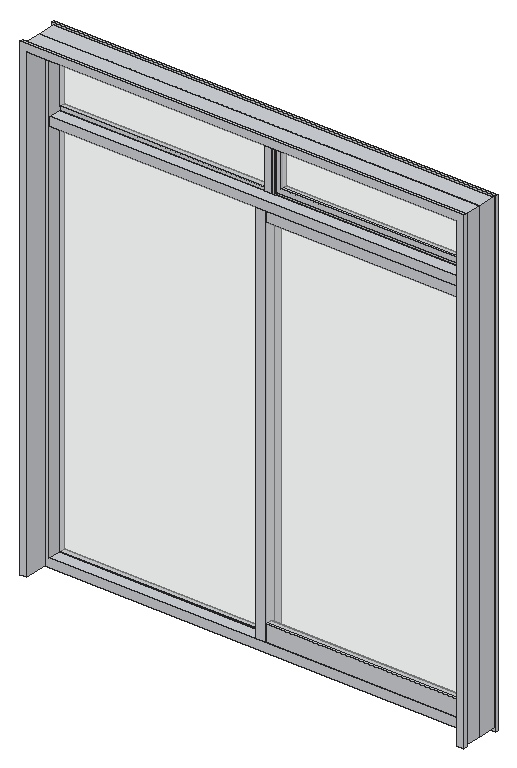
Revit family "APL Residential Thermal Heart Sliding Door SF with Overlight", category Doors, host Wall, Revit 2017 (continued)
Definition of nested family "APL Residential Thermal Heart Sliding Door SF with Overlight Vertical Section"
  Definition of nested family "Head Sash"
    Definition of nested family "65720_Sash"
      Lines and regions (mm)
        model lines, in view "Ref. Level"
          curve 145: arc (13.633, 5.978, 0) -> (13.937, 5.291, 0) -> (14.633, 5.009, 0) r 1
          curve 146: arc (17.054, 5.009, 0) -> (17.364, 5.05, 0) -> (17.654, 5.17, 0) r 1.2
          curve 147: arc (19.714, 6.209, 0) -> (19.996, 6.092, 0) -> (20.114, 5.809, 0) r 0.4
          curve 148: arc (20.014, 4.834, 0) -> (19.955, 4.693, 0) -> (19.814, 4.634, 0) r 0.2
          curve 149: arc (19.617, 4.653, 0) -> (19.041, 4.615, 0) -> (18.764, 4.109, 0) r 0.6
          curve 150: arc (18.764, 4.109, 0) -> (19.041, 3.603, 0) -> (19.617, 3.565, 0) r 0.6
          curve 151: arc (19.814, 3.584, 0) -> (19.955, 3.525, 0) -> (20.014, 3.384, 0) r 0.2
          curve 152: arc (20.114, 2.409, 0) -> (19.996, 2.126, 0) -> (19.714, 2.009, 0) r 0.4
          curve 153: arc (17.654, 3.048, 0) -> (17.364, 3.168, 0) -> (17.054, 3.209, 0) r 1.2
          curve 154: arc (8.374, 3.209, 0) -> (8.063, 3.168, 0) -> (7.774, 3.048, 0) r 1.2
          curve 155: arc (5.714, 2.009, 0) -> (5.431, 2.126, 0) -> (5.314, 2.409, 0) r 0.4
          curve 156: arc (5.414, 3.384, 0) -> (5.472, 3.525, 0) -> (5.614, 3.584, 0) r 0.2
          curve 157: arc (5.81, 3.565, 0) -> (6.386, 3.603, 0) -> (6.664, 4.109, 0) r 0.6
          curve 158: arc (6.664, 4.109, 0) -> (6.386, 4.615, 0) -> (5.81, 4.653, 0) r 0.6
          curve 159: arc (5.614, 4.634, 0) -> (5.472, 4.693, 0) -> (5.414, 4.834, 0) r 0.2
          curve 160: arc (5.314, 5.809, 0) -> (5.431, 6.092, 0) -> (5.714, 6.209, 0) r 0.4
          curve 161: arc (7.774, 5.17, 0) -> (8.063, 5.05, 0) -> (8.374, 5.009, 0) r 1.2
          curve 162: arc (10.794, 5.009, 0) -> (11.49, 5.291, 0) -> (11.794, 5.978, 0) r 1
          curve 163: line (13.314, 13.759, 0) -> (13.633, 5.978, 0)
          curve 164: line (14.633, 5.009, 0) -> (16.946, 5.009, 0)
          curve 165: line (17.654, 5.17, 0) -> (18.414, 5.609, 0)
          curve 166: line (18.414, 5.609, 0) -> (19.407, 6.182, 0)
          curve 167: line (19.407, 6.182, 0) -> (19.714, 6.209, 0)
          curve 168: line (20.114, 5.809, 0) -> (20.114, 5.309, 0)
          curve 169: line (20.114, 5.309, 0) -> (20.014, 4.834, 0)
          curve 170: line (20.014, 3.384, 0) -> (20.014, 3.009, 0)
          curve 171: line (20.014, 3.009, 0) -> (20.114, 2.409, 0)
          curve 172: line (19.714, 2.009, 0) -> (19.507, 2.009, 0)
          curve 173: line (19.507, 2.009, 0) -> (18.414, 2.609, 0)
          curve 174: line (18.414, 2.609, 0) -> (17.654, 3.048, 0)
          curve 175: line (16.946, 3.209, 0) -> (12.714, 3.209, 0)
          curve 176: line (12.714, 3.209, 0) -> (8.374, 3.209, 0)
          curve 177: line (7.774, 3.048, 0) -> (6.02, 2.036, 0)
          curve 178: line (6.02, 2.036, 0) -> (5.714, 2.009, 0)
          curve 179: line (5.314, 2.409, 0) -> (5.314, 2.909, 0)
          curve 180: line (5.314, 2.909, 0) -> (5.414, 3.384, 0)
          curve 181: line (5.414, 4.834, 0) -> (5.414, 5.209, 0)
          curve 182: line (5.414, 5.209, 0) -> (5.314, 5.809, 0)
          curve 183: line (5.714, 6.209, 0) -> (5.92, 6.209, 0)
          curve 184: line (5.92, 6.209, 0) -> (7.774, 5.17, 0)
          curve 185: line (8.374, 5.009, 0) -> (10.794, 5.009, 0)
          curve 186: line (11.794, 5.978, 0) -> (12.114, 13.768, 0)
          curve 187: arc (12.114, 13.768, 0) -> (12.293, 14.187, 0) -> (12.714, 14.359, 0) r 0.6
          curve 188: arc (5.3, -2.4, 0) -> (5.417, -2.117, 0) -> (5.7, -2, 0) r 0.4
          curve 189: arc (5.993, -2, 0) -> (6.096, -2.014, 0) -> (6.193, -2.054, 0) r 0.4
          curve 190: arc (7.721, -2.939, 0) -> (8.011, -3.059, 0) -> (8.322, -3.1, 0) r 1.2
          curve 191: arc (9.245, -3.1, 0) -> (9.818, -3.281, 0) -> (10.184, -3.758, 0) r 1
          curve 192: arc (10.977, -5.937, 0) -> (11.124, -6.128, 0) -> (11.353, -6.2, 0) r 0.4
          curve 193: arc (14.047, -6.2, 0) -> (14.276, -6.128, 0) -> (14.423, -5.937, 0) r 0.4
          curve 194: arc (15.216, -3.758, 0) -> (15.582, -3.281, 0) -> (16.155, -3.1, 0) r 1
          curve 195: arc (17.078, -3.1, 0) -> (17.389, -3.059, 0) -> (17.679, -2.939, 0) r 1.2
          curve 196: arc (19.207, -2.054, 0) -> (19.304, -2.014, 0) -> (19.407, -2, 0) r 0.4
          curve 197: arc (19.7, -2, 0) -> (19.983, -2.117, 0) -> (20.1, -2.4, 0) r 0.4
          curve 198: arc (20.1, -5.8, 0) -> (19.983, -6.083, 0) -> (19.7, -6.2, 0) r 0.4
          curve 199: arc (19.407, -6.2, 0) -> (19.304, -6.186, 0) -> (19.207, -6.146, 0) r 0.4
          curve 200: arc (17.679, -5.261, 0) -> (17.385, -5.14, 0) -> (17.07, -5.1, 0) r 1.2
          curve 201: arc (17.07, -5.1, 0) -> (16.895, -5.153, 0) -> (16.784, -5.297, 0) r 0.3
          curve 202: arc (15.896, -7.737, 0) -> (15.749, -7.928, 0) -> (15.52, -8, 0) r 0.4
          curve 203: arc (9.88, -8, 0) -> (9.651, -7.928, 0) -> (9.504, -7.737, 0) r 0.4
          curve 204: arc (8.616, -5.297, 0) -> (8.505, -5.153, 0) -> (8.33, -5.1, 0) r 0.3
          curve 205: arc (8.33, -5.1, 0) -> (8.015, -5.14, 0) -> (7.721, -5.261, 0) r 1.2
          curve 206: arc (6.193, -6.146, 0) -> (6.096, -6.186, 0) -> (5.993, -6.2, 0) r 0.4
          curve 207: arc (5.7, -6.2, 0) -> (5.417, -6.083, 0) -> (5.3, -5.8, 0) r 0.4
          curve 208: line (5.7, -2, 0) -> (5.993, -2, 0)
          curve 209: line (6.193, -2.054, 0) -> (7.721, -2.939, 0)
          curve 210: line (8.322, -3.1, 0) -> (9.245, -3.1, 0)
          curve 211: line (10.184, -3.758, 0) -> (10.977, -5.937, 0)
          curve 212: line (11.353, -6.2, 0) -> (14.047, -6.2, 0)
          curve 213: line (14.423, -5.937, 0) -> (15.216, -3.758, 0)
          curve 214: line (16.155, -3.1, 0) -> (17.078, -3.1, 0)
          curve 215: line (17.679, -2.939, 0) -> (19.207, -2.054, 0)
          curve 216: line (19.407, -2, 0) -> (19.7, -2, 0)
          curve 217: line (20.1, -2.4, 0) -> (20.1, -5.8, 0)
          curve 218: line (19.7, -6.2, 0) -> (19.407, -6.2, 0)
          curve 219: line (19.207, -6.146, 0) -> (17.679, -5.261, 0)
          curve 220: line (16.784, -5.297, 0) -> (15.896, -7.737, 0)
          curve 221: line (15.52, -8, 0) -> (9.88, -8, 0)
          curve 222: line (9.504, -7.737, 0) -> (8.616, -5.297, 0)
          curve 223: line (7.721, -5.261, 0) -> (6.193, -6.146, 0)
          curve 224: line (5.993, -6.2, 0) -> (5.7, -6.2, 0)
          curve 225: line (5.3, -5.8, 0) -> (5.3, -2.4, 0)
          curve 226: arc (7.8, -0.874, 0) -> (7.718, -0.477, 0) -> (7.485, -0.146, 0) r 1
          curve 227: arc (7.485, -0.146, 0) -> (7.422, 0, 0) -> (7.485, 0.146, 0) r 0.2
          curve 228: arc (7.485, 0.146, 0) -> (7.718, 0.477, 0) -> (7.8, 0.874, 0) r 1
          curve 229: arc (7.8, 2.449, 0) -> (7.673, 2.668, 0) -> (7.42, 2.663, 0) r 0.25
          curve 230: arc (7.334, 2.611, 0) -> (7.228, 2.479, 0) -> (7.231, 2.309, 0) r 0.25
          curve 231: arc (5.977, 1.544, 0) -> (5.902, 1.511, 0) -> (5.821, 1.5, 0) r 0.3
          curve 232: arc (5.3, 1.5, 0) -> (5.142, 1.578, 0) -> (5.106, 1.75, 0) r 0.2
          curve 233: arc (5.3, 5.753, 0) -> (5.274, 5.875, 0) -> (5.2, 5.976, 0) r 0.3
          curve 234: arc (5.2, 5.976, 0) -> (5.12, 6.307, 0) -> (5.4, 6.5, 0) r 0.3
          curve 235: arc (7.621, 5.957, 0) -> (7.71, 5.905, 0) -> (7.762, 5.816, 0) r 0.2
          curve 236: arc (7.807, 5.648, 0) -> (7.948, 5.507, 0) -> (8.141, 5.559, 0) r 0.2
          curve 237: arc (8.505, 5.922, 0) -> (8.565, 6.008, 0) -> (8.592, 6.108, 0) r 0.3
          curve 238: arc (8.799, 8.474, 0) -> (8.683, 8.738, 0) -> (8.397, 8.782, 0) r 0.3
          curve 239: arc (6.987, 8.268, 0) -> (6.861, 8.181, 0) -> (6.795, 8.043, 0) r 0.3
          curve 240: arc (6.795, 8.043, 0) -> (6.522, 7.801, 0) -> (6.217, 8, 0) r 0.3
          curve 241: arc (-3.3, 8, 0) -> (-4.007, 8.293, 0) -> (-4.3, 9, 0) r 1
          curve 242: arc (-4.3, 18.8, 0) -> (-4.241, 18.941, 0) -> (-4.1, 19, 0) r 0.2
          curve 243: arc (-3.2, 19, 0) -> (-2.493, 19.293, 0) -> (-2.2, 20, 0) r 1
          curve 244: arc (-2.2, 20.751, 0) -> (-2.7, 21.252, 0) -> (-3.2, 20.751, 0) r 0.5
          curve 245: arc (-3.2, 24.751, 0) -> (-2.7, 24.249, 0) -> (-2.2, 24.751, 0) r 0.5
          curve 246: arc (-2.2, 25.501, 0) -> (-2.493, 26.207, 0) -> (-3.199, 26.5, 0) r 0.999
          curve 247: arc (-4.7, 26.5, 0) -> (-5.407, 26.207, 0) -> (-5.7, 25.5, 0) r 1
          curve 248: arc (-5.7, -14.454, 0) -> (-5.548, -15.22, 0) -> (-5.114, -15.869, 0) r 2
          curve 249: arc (5.959, -26.941, 0) -> (6.177, -26.985, 0) -> (6.3, -26.8, 0) r 0.2
          curve 250: arc (6.3, -22.85, 0) -> (6.241, -22.709, 0) -> (6.1, -22.65, 0) r 0.2
          curve 251: arc (5.501, -22.65, 0) -> (5.359, -22.708, 0) -> (5.3, -22.85, 0) r 0.2
          curve 252: arc (5.3, -23.2, 0) -> (5.241, -23.341, 0) -> (5.1, -23.4, 0) r 0.201
          curve 253: arc (4.497, -23.4, 0) -> (4.357, -23.341, 0) -> (4.3, -23.2, 0) r 0.198
          curve 254: arc (4.3, -20.1, 0) -> (4.358, -19.96, 0) -> (4.497, -19.9, 0) r 0.2
          curve 255: arc (5.1, -19.9, 0) -> (5.241, -19.959, 0) -> (5.3, -20.1, 0) r 0.2
          curve 256: arc (5.3, -20.45, 0) -> (5.359, -20.591, 0) -> (5.5, -20.65, 0) r 0.2
          curve 257: arc (6.1, -20.65, 0) -> (6.241, -20.591, 0) -> (6.3, -20.45, 0) r 0.2
          curve 258: arc (6.3, -19.092, 0) -> (6.244, -18.951, 0) -> (6.1, -18.9, 0) r 0.184
          curve 259: arc (6.217, -8, 0) -> (6.522, -7.801, 0) -> (6.795, -8.043, 0) r 0.3
          curve 260: arc (6.795, -8.043, 0) -> (6.861, -8.181, 0) -> (6.987, -8.268, 0) r 0.3
          curve 261: arc (8.397, -8.782, 0) -> (8.683, -8.738, 0) -> (8.799, -8.474, 0) r 0.3
          curve 262: arc (8.592, -6.108, 0) -> (8.565, -6.008, 0) -> (8.505, -5.922, 0) r 0.3
          curve 263: arc (8.141, -5.559, 0) -> (7.948, -5.507, 0) -> (7.807, -5.648, 0) r 0.2
          curve 264: arc (7.762, -5.816, 0) -> (7.71, -5.905, 0) -> (7.621, -5.957, 0) r 0.2
          curve 265: arc (5.4, -6.5, 0) -> (5.12, -6.307, 0) -> (5.2, -5.976, 0) r 0.3
          curve 266: arc (5.2, -5.976, 0) -> (5.274, -5.875, 0) -> (5.3, -5.753, 0) r 0.3
          curve 267: arc (5.106, -1.75, 0) -> (5.142, -1.578, 0) -> (5.3, -1.5, 0) r 0.2
          curve 268: arc (5.82, -1.5, 0) -> (5.902, -1.511, 0) -> (5.977, -1.544, 0) r 0.3
          curve 269: arc (7.231, -2.309, 0) -> (7.228, -2.479, 0) -> (7.334, -2.611, 0) r 0.25
          curve 270: arc (7.42, -2.663, 0) -> (7.672, -2.668, 0) -> (7.8, -2.45, 0) r 0.25
          curve 271: arc (-0.454, 6.272, 0) -> (-0.427, 6.485, 0) -> (-0.608, 6.6, 0) r 0.2
          curve 272: arc (-3.4, 6.6, 0) -> (-4.107, 6.307, 0) -> (-4.4, 5.6, 0) r 1
          curve 273: arc (-4.4, -2.447, 0) -> (-4.254, -2.802, 0) -> (-3.9, -2.949, 0) r 0.5
          curve 274: arc (-2.4, -2.949, 0) -> (-1.693, -3.242, 0) -> (-1.4, -3.949, 0) r 1
          curve 275: arc (-1.4, -4.449, 0) -> (-1.9, -4.949, 0) -> (-2.4, -4.449, 0) r 0.5
          curve 276: arc (-4, -3.949, 0) -> (-4.283, -4.067, 0) -> (-4.4, -4.349, 0) r 0.4
          curve 277: arc (-4.4, -9.05, 0) -> (-4, -9.45, 0) -> (-4.4, -9.85, 0) r 0.4
          curve 278: arc (-4.4, -14.452, 0) -> (-4.347, -14.721, 0) -> (-4.195, -14.949, 0) r 0.7
          curve 279: arc (-2.4, -14.449, 0) -> (-1.9, -13.949, 0) -> (-1.4, -14.449, 0) r 0.5
          curve 280: arc (-1.4, -15.007, 0) -> (-1.602, -15.609, 0) -> (-2.125, -15.969, 0) r 1
          curve 281: arc (-2.125, -15.969, 0) -> (-2.472, -16.324, 0) -> (-2.341, -16.803, 0) r 0.5
          curve 282: arc (2.959, -22.103, 0) -> (3.177, -22.146, 0) -> (3.3, -21.962, 0) r 0.2
          curve 283: line (7.8, 0.874, 0) -> (7.8, 2.449, 0)
          curve 284: line (7.231, 2.309, 0) -> (5.977, 1.544, 0)
          curve 285: line (5.977, 1.544, 0) -> (5.3, 1.5, 0)
          curve 286: line (5.106, 1.75, 0) -> (5.294, 2.475, 0)
          curve 287: line (5.294, 2.475, 0) -> (5.3, 5.753, 0)
          curve 288: line (5.554, 6.5, 0) -> (7.621, 5.957, 0)
          curve 289: line (7.621, 5.957, 0) -> (7.807, 5.648, 0)
          curve 290: line (8.141, 5.559, 0) -> (8.505, 5.922, 0)
          curve 291: line (8.592, 6.108, 0) -> (8.799, 8.474, 0)
          curve 292: line (8.397, 8.782, 0) -> (6.987, 8.268, 0)
          curve 293: line (6.217, 8, 0) -> (-3.3, 8, 0)
          curve 294: line (-4.3, 9, 0) -> (-4.3, 18.8, 0)
          curve 295: line (-4.1, 19, 0) -> (-3.2, 19, 0)
          curve 296: line (-2.2, 20, 0) -> (-2.2, 20.751, 0)
          curve 297: line (-3.2, 20.751, 0) -> (-3.2, 20, 0)
          curve 298: line (-3.2, 20, 0) -> (-4.7, 20, 0)
          curve 299: line (-4.7, 20, 0) -> (-4.7, 25.5, 0)
          curve 300: line (-4.7, 25.5, 0) -> (-3.2, 25.5, 0)
          curve 301: line (-3.2, 25.5, 0) -> (-3.2, 24.751, 0)
          curve 302: line (-2.2, 24.751, 0) -> (-2.2, 25.501, 0)
          curve 303: line (-3.199, 26.5, 0) -> (-4.7, 26.5, 0)
          curve 304: line (-5.7, 25.5, 0) -> (-5.7, -14.454, 0)
          curve 305: line (-5.114, -15.869, 0) -> (5.959, -26.941, 0)
          curve 306: line (6.3, -26.8, 0) -> (6.3, -22.85, 0)
          curve 307: line (6.1, -22.65, 0) -> (5.501, -22.65, 0)
          curve 308: line (5.3, -22.85, 0) -> (5.3, -23.2, 0)
          curve 309: line (5.1, -23.4, 0) -> (4.497, -23.4, 0)
          curve 310: line (4.3, -23.2, 0) -> (4.3, -20.1, 0)
          curve 311: line (4.497, -19.9, 0) -> (5.1, -19.9, 0)
          curve 312: line (5.3, -20.1, 0) -> (5.3, -20.45, 0)
          curve 313: line (5.5, -20.65, 0) -> (6.1, -20.65, 0)
          curve 314: line (6.3, -20.45, 0) -> (6.3, -19.092, 0)
          curve 315: line (6.1, -18.9, 0) -> (4.6, -18.9, 0)
          curve 316: line (4.6, -18.9, 0) -> (4.6, -8, 0)
          curve 317: line (4.6, -8, 0) -> (6.217, -8, 0)
          curve 318: line (6.987, -8.268, 0) -> (8.397, -8.782, 0)
          curve 319: line (8.799, -8.474, 0) -> (8.592, -6.108, 0)
          curve 320: line (8.505, -5.922, 0) -> (8.141, -5.559, 0)
          curve 321: line (7.807, -5.648, 0) -> (7.762, -5.816, 0)
          curve 322: line (7.762, -5.816, 0) -> (5.632, -6.49, 0)
          curve 323: line (5.632, -6.49, 0) -> (5.4, -6.5, 0)
          curve 324: line (5.3, -5.753, 0) -> (5.3, -2.525, 0)
          curve 325: line (5.3, -2.525, 0) -> (5.106, -1.75, 0)
          curve 326: line (5.3, -1.5, 0) -> (5.82, -1.5, 0)
          curve 327: line (5.821, -1.5, 0) -> (7.231, -2.309, 0)
          curve 328: line (7.8, -2.45, 0) -> (7.8, -0.874, 0)
          curve 329: line (-0.608, 6.6, 0) -> (-3.4, 6.6, 0)
          curve 330: line (-4.4, 5.6, 0) -> (-4.4, -2.447, 0)
          curve 331: line (-3.9, -2.949, 0) -> (-2.4, -2.949, 0)
          curve 332: line (-1.4, -3.949, 0) -> (-1.4, -4.449, 0)
          curve 333: line (-2.4, -4.449, 0) -> (-2.4, -3.949, 0)
          curve 334: line (-2.4, -3.949, 0) -> (-4, -3.949, 0)
          curve 335: line (-4.4, -4.349, 0) -> (-4.4, -9.05, 0)
          curve 336: line (-4.4, -9.85, 0) -> (-4.4, -14.452, 0)
          curve 337: line (-4.195, -14.949, 0) -> (-2.4, -14.949, 0)
          curve 338: line (-2.4, -14.949, 0) -> (-2.4, -14.449, 0)
          curve 339: line (-1.4, -14.449, 0) -> (-1.4, -15.007, 0)
          curve 340: line (-2.341, -16.803, 0) -> (2.959, -22.103, 0)
          curve 341: line (3.3, -21.962, 0) -> (3.3, 2.193, 0)
          curve 342: arc (3.3, 2.193, 0) -> (3.272, 2.296, 0) -> (3.194, 2.37, 0) r 0.2
          curve 343: arc (3.194, 2.37, 0) -> (2.838, 2.85, 0) -> (2.984, 3.43, 0) r 0.7
          curve 344: arc (2.984, 3.43, 0) -> (3.33, 4.4, 0) -> (2.984, 5.37, 0) r 1.53
          curve 345: arc (2.984, 5.37, 0) -> (2.892, 5.514, 0) -> (2.838, 5.676, 0) r 0.7
          curve 346: arc (2.838, 5.676, 0) -> (2.741, 5.888, 0) -> (2.559, 6.032, 0) r 0.5
          curve 347: arc (2.559, 6.032, 0) -> (1.8, 6.2, 0) -> (1.041, 6.032, 0) r 1.8
          curve 348: arc (1.041, 6.032, 0) -> (0.859, 5.888, 0) -> (0.762, 5.676, 0) r 0.5
          curve 349: arc (0.762, 5.676, 0) -> (0.708, 5.514, 0) -> (0.616, 5.37, 0) r 0.7
          curve 350: arc (0.616, 5.37, 0) -> (0.27, 4.4, 0) -> (0.616, 3.43, 0) r 1.53
          curve 351: arc (0.616, 3.43, 0) -> (0.519, 2.445, 0) -> (-0.466, 2.543, 0) r 0.7
          curve 352: arc (-0.466, 2.543, 0) -> (-1.13, 4.41, 0) -> (-0.454, 6.272, 0) r 2.93
      Text (mm)
        text "65720" at (33.241, 33.025, 0), in view "Ref. Level"
  Definition of nested family "Glazing"
    Parameters (values of type "Glazing")
      Glass Lenght [instance] = 50 mm
    Reference planes
      plane 1 "Center (Front/Back)": y = 0
      plane 2: z = 0
      plane 3 "Center (Left/Right)": x = 0
      plane 4: y = -50
    Lines and regions (mm)
      Filled region 1, type "Solid Fill - Black", in view "Ref. Level"
        outline origin (0, 0, 0) x (1, 0, 0) y (0, 1, 0)
          loop
            line (4, 0) -> (4, -12) -> (20, -12) -> (20, 0) -> (4, 0)
      model lines, in view "Ref. Level"
        curve 1: line (4, -12, 0) -> (20, -12, 0)
        curve 2: line (0, -50, 0) -> (0, 0, 0)
        curve 3: line (0, 0, 0) -> (24, 0, 0)
        curve 4: line (24, 0, 0) -> (24, -50, 0)
        curve 5: line (20, 0, 0) -> (20, -50, 0)
        curve 6: line (4, 0, 0) -> (4, -50, 0)
      detail lines, in view "Ref. Level"
        curve 7: arc (-0.25, -4.9, 0) -> (0, -5.15, 0) -> (-0.25, -5.4, 0) r 0.25
        curve 8: arc (-0.25, -8.45, 0) -> (0, -8.7, 0) -> (-0.25, -8.95, 0) r 0.25
        curve 9: arc (-0.25, -9.619, 0) -> (0, -9.869, 0) -> (-0.25, -10.119, 0) r 0.25
        curve 10: arc (-0.25, -10.787, 0) -> (0, -11.037, 0) -> (-0.25, -11.287, 0) r 0.25
        curve 11: line (-0.25, -12.456, 0) -> (-1, -12.456, 0)
        curve 12: line (-1, -12.456, 0) -> (-1, -8.45, 0)
        curve 13: line (-1, -8.45, 0) -> (-2.2, -8.45, 0)
        curve 14: line (-2.2, -8.45, 0) -> (-2.2, -9.2, 0)
        curve 15: line (-2.2, -9.2, 0) -> (-2.8, -9.2, 0)
        curve 16: line (-2.8, -9.2, 0) -> (-2.8, -6.1, 0)
        curve 17: line (-2.8, -6.1, 0) -> (-2.2, -6.1, 0)
        curve 18: line (-2.2, -6.1, 0) -> (-2.2, -6.85, 0)
        curve 19: line (-2.2, -6.85, 0) -> (-1, -6.85, 0)
        curve 20: line (-1, -6.85, 0) -> (-1, -4.9, 0)
        curve 21: line (-1, -4.9, 0) -> (-0.25, -4.9, 0)
        curve 22: line (-0.25, -5.4, 0) -> (-0.25, -8.45, 0)
        curve 23: line (-0.25, -8.95, 0) -> (-0.25, -9.619, 0)
        curve 24: line (-0.25, -10.119, 0) -> (-0.25, -10.787, 0)
        curve 25: line (-0.25, -11.287, 0) -> (-0.25, -11.956, 0)
        curve 26: arc (-0.25, -11.956, 0) -> (0, -12.206, 0) -> (-0.25, -12.456, 0) r 0.25
        curve 27: arc (25, -10.728, 0) -> (24.979, -10.828, 0) -> (24.92, -10.912, 0) r 0.25
        curve 28: arc (24.161, -11.614, 0) -> (24.042, -11.78, 0) -> (24, -11.981, 0) r 0.5
        curve 29: arc (24, -13.404, 0) -> (24.088, -13.594, 0) -> (24.289, -13.651, 0) r 0.25
        curve 30: arc (28.489, -12.997, 0) -> (28.647, -12.904, 0) -> (28.699, -12.728, 0) r 0.25
        curve 31: arc (27.5, -8.1, 0) -> (27.711, -7.984, 0) -> (27.727, -7.744, 0) r 0.25
        curve 32: arc (26.033, -4.114, 0) -> (25.642, -3.858, 0) -> (25.24, -4.095, 0) r 0.442
        curve 33: arc (24.864, -4.812, 0) -> (24.414, -5.357, 0) -> (24.052, -5.964, 0) r 4.62
        curve 34: arc (24.052, -5.964, 0) -> (24.013, -6.073, 0) -> (24, -6.187, 0) r 0.5
        curve 35: arc (24, -6.743, 0) -> (24.132, -6.931, 0) -> (24.353, -6.871, 0) r 0.2
        curve 36: arc (24.353, -6.871, 0) -> (24.514, -6.711, 0) -> (24.702, -6.581, 0) r 1.262
        curve 37: arc (24.702, -6.581, 0) -> (24.901, -6.583, 0) -> (25, -6.756, 0) r 0.2
        curve 38: arc (25, -7.353, 0) -> (24.962, -7.543, 0) -> (24.855, -7.705, 0) r 0.5
        curve 39: arc (24.855, -7.705, 0) -> (24.408, -8.237, 0) -> (24.051, -8.833, 0) r 4.3
        curve 40: arc (24.051, -8.833, 0) -> (24.013, -8.941, 0) -> (24, -9.054, 0) r 0.5
        curve 41: arc (24, -9.668, 0) -> (24.137, -9.858, 0) -> (24.361, -9.787, 0) r 0.2
        curve 42: arc (24.361, -9.787, 0) -> (24.512, -9.617, 0) -> (24.69, -9.476, 0) r 1.288
        curve 43: arc (24.69, -9.476, 0) -> (24.895, -9.467, 0) -> (25, -9.643, 0) r 0.2
        curve 44: line (24.92, -10.912, 0) -> (24.161, -11.614, 0)
        curve 45: line (24, -11.981, 0) -> (24, -13.404, 0)
        curve 46: line (24.289, -13.651, 0) -> (28.489, -12.997, 0)
        curve 47: line (28.699, -12.728, 0) -> (28.548, -11, 0)
        curve 48: line (28.548, -11, 0) -> (27, -11, 0)
        curve 49: line (27, -11, 0) -> (27, -8.1, 0)
        curve 50: line (27, -8.1, 0) -> (27.5, -8.1, 0)
        curve 51: line (27.727, -7.744, 0) -> (26.033, -4.114, 0)
        curve 52: line (25.24, -4.095, 0) -> (24.864, -4.812, 0)
        curve 53: line (24, -6.187, 0) -> (24, -6.743, 0)
        curve 54: line (25, -6.756, 0) -> (25, -7.353, 0)
        curve 55: line (24, -9.054, 0) -> (24, -9.668, 0)
        curve 56: line (25, -9.643, 0) -> (25, -10.728, 0)
      detail lines, in view "Ref. Level", not visible
        curve 57: arc (-0.25, -4.9, 0) -> (0, -5.15, 0) -> (-0.25, -5.4, 0) r 0.25
        curve 58: arc (-0.25, -8.45, 0) -> (0, -8.7, 0) -> (-0.25, -8.95, 0) r 0.25
        curve 59: arc (-0.25, -9.619, 0) -> (0, -9.869, 0) -> (-0.25, -10.119, 0) r 0.25
        curve 60: arc (-0.25, -10.787, 0) -> (0, -11.037, 0) -> (-0.25, -11.287, 0) r 0.25
        curve 61: line (-0.25, -12.456, 0) -> (-1, -12.456, 0)
        curve 62: line (-1, -12.456, 0) -> (-1, -8.45, 0)
        curve 63: line (-1, -8.45, 0) -> (-2.2, -8.45, 0)
        curve 64: line (-2.2, -8.45, 0) -> (-2.2, -9.2, 0)
        curve 65: line (-2.2, -9.2, 0) -> (-2.8, -9.2, 0)
        curve 66: line (-2.8, -9.2, 0) -> (-2.8, -6.1, 0)
        curve 67: line (-2.8, -6.1, 0) -> (-2.2, -6.1, 0)
        curve 68: line (-2.2, -6.1, 0) -> (-2.2, -6.85, 0)
        curve 69: line (-2.2, -6.85, 0) -> (-1, -6.85, 0)
        curve 70: line (-1, -6.85, 0) -> (-1, -4.9, 0)
        curve 71: line (-1, -4.9, 0) -> (-0.25, -4.9, 0)
        curve 72: line (-0.25, -5.4, 0) -> (-0.25, -8.45, 0)
        curve 73: line (-0.25, -8.95, 0) -> (-0.25, -9.619, 0)
        curve 74: line (-0.25, -10.119, 0) -> (-0.25, -10.787, 0)
        curve 75: line (-0.25, -11.287, 0) -> (-0.25, -11.956, 0)
        curve 76: arc (-0.25, -11.956, 0) -> (0, -12.206, 0) -> (-0.25, -12.456, 0) r 0.25
        curve 77: arc (25, -10.728, 0) -> (24.979, -10.828, 0) -> (24.92, -10.912, 0) r 0.25
        curve 78: arc (24.161, -11.614, 0) -> (24.042, -11.78, 0) -> (24, -11.981, 0) r 0.5
        curve 79: arc (24, -13.404, 0) -> (24.088, -13.594, 0) -> (24.289, -13.651, 0) r 0.25
        curve 80: arc (28.489, -12.997, 0) -> (28.647, -12.904, 0) -> (28.699, -12.728, 0) r 0.25
        curve 81: arc (27.5, -8.1, 0) -> (27.711, -7.984, 0) -> (27.727, -7.744, 0) r 0.25
        curve 82: arc (26.033, -4.114, 0) -> (25.642, -3.858, 0) -> (25.24, -4.095, 0) r 0.442
        curve 83: arc (24.864, -4.812, 0) -> (24.414, -5.357, 0) -> (24.052, -5.964, 0) r 4.62
        curve 84: arc (24.052, -5.964, 0) -> (24.013, -6.073, 0) -> (24, -6.187, 0) r 0.5
        curve 85: arc (24, -6.743, 0) -> (24.132, -6.931, 0) -> (24.353, -6.871, 0) r 0.2
        curve 86: arc (24.353, -6.871, 0) -> (24.514, -6.711, 0) -> (24.702, -6.581, 0) r 1.262
        curve 87: arc (24.702, -6.581, 0) -> (24.901, -6.583, 0) -> (25, -6.756, 0) r 0.2
        curve 88: arc (25, -7.353, 0) -> (24.962, -7.543, 0) -> (24.855, -7.705, 0) r 0.5
        curve 89: arc (24.855, -7.705, 0) -> (24.408, -8.237, 0) -> (24.051, -8.833, 0) r 4.3
        curve 90: arc (24.051, -8.833, 0) -> (24.013, -8.941, 0) -> (24, -9.054, 0) r 0.5
        curve 91: arc (24, -9.668, 0) -> (24.137, -9.858, 0) -> (24.361, -9.787, 0) r 0.2
        curve 92: arc (24.361, -9.787, 0) -> (24.512, -9.617, 0) -> (24.69, -9.476, 0) r 1.288
        curve 93: arc (24.69, -9.476, 0) -> (24.895, -9.467, 0) -> (25, -9.643, 0) r 0.2
        curve 94: line (24.92, -10.912, 0) -> (24.161, -11.614, 0)
        curve 95: line (24, -11.981, 0) -> (24, -13.404, 0)
        curve 96: line (24.289, -13.651, 0) -> (28.489, -12.997, 0)
        curve 97: line (28.699, -12.728, 0) -> (28.548, -11, 0)
        curve 98: line (28.548, -11, 0) -> (27, -11, 0)
        curve 99: line (27, -11, 0) -> (27, -8.1, 0)
        curve 100: line (27, -8.1, 0) -> (27.5, -8.1, 0)
        curve 101: line (27.727, -7.744, 0) -> (26.033, -4.114, 0)
        curve 102: line (25.24, -4.095, 0) -> (24.864, -4.812, 0)
        curve 103: line (24, -6.187, 0) -> (24, -6.743, 0)
        curve 104: line (25, -6.756, 0) -> (25, -7.353, 0)
        curve 105: line (24, -9.054, 0) -> (24, -9.668, 0)
        curve 106: line (25, -9.643, 0) -> (25, -10.728, 0)
    Dimensions and locks
      "Glass Lenght": plane 1 "Center (Front/Back)" to plane 4
      aligned and locked: plane 4 to curve 2
      aligned and locked: plane 1 "Center (Front/Back)" to Filled region 1 sketch curve
      aligned and locked: Filled region 1 sketch curve to curve 6
      aligned and locked: Filled region 1 sketch curve to curve 1
      aligned and locked: Filled region 1 sketch curve to curve 5
    Automatic sketch dimensions
      plane 1 "Center (Front/Back)" to curve 2 = 0 mm
      curve 2 to plane 3 "Center (Left/Right)" = 0 mm
      curve 6 to plane 4 = 0 mm
      curve 5 to plane 4 = 0 mm
      curve 4 to plane 4 = 0 mm
      curve 5 to curve 3 = 4 mm
      curve 1 to curve 1 = 16 mm
      plane 1 "Center (Front/Back)" to curve 1 = 12 mm
      plane 3 "Center (Left/Right)" to curve 6 = 4 mm
Definition of nested family "APL Residential Thermal Heart Sliding Door SF Horizontal Section"
  Parameters (values of type "Groove Liner")
    Liner End [instance] = 10 mm
    Liner Block = Liner : Liner
    Liner [instance] = 100 mm
    Groove [instance] = 10 mm
    Glass Length [instance] = (Box Width / 2) - 96 mm  # 154 mm
    Glass Fixed Length [instance] = (Box Width / 2) - 44 mm  # 206 mm
    Box Width [instance] = 500 mm
  Types (2, lengths in mm): name | Liner Block
    Groove Liner | Liner : Liner
    Liner | Liner No Groove : Liner No Groove
  Reference planes
    plane 1 "Center (Front/Back)": y = 39.446
    plane 2: z = 0
    plane 3 "Center (Left/Right)": x = -250.083
    plane 4: x = -500.083
    plane 5: x = -0.083
    plane 6: y = 150.946
    plane 7: y = 150.946
    plane 8: x = 7.417
    plane 9: y = 57.796
  Dimensions and locks
    equal spacing: plane 4, plane 3 "Center (Left/Right)", plane 5
    "Box Width": plane 4 to plane 5
    "Liner": plane 6 to nested 1
    "Liner": plane 7 to nested 2
    plane 8 to plane 5 = 7.5 mm
    nested 3 to plane 3 "Center (Left/Right)" to nested 3 = 26.59 mm locked, 25.41 mm locked
    locked: nested 7 to nested 3 at 6.324
    locked: nested 3 to nested 8 at 6
    locked: nested 9 to nested 5 at 6
    locked: nested 9 to plane 5 at 83.24
    nested 7 to plane 3 "Center (Left/Right)" to nested 8 = 13.915 mm locked, 12.408 mm locked
    locked: nested 4 to nested 6 at 6.351
    locked: nested 4 to nested 6 at 30.351
    locked: nested 1 to nested 4 at 22.397
    locked: nested 5 to nested 2 at 22.397
    locked: nested 4 to nested 4 at 43
    nested 5 to plane 9 = 5 mm
    aligned and locked: nested 2 to plane 7
    aligned and locked: plane 5 to nested 5
  Nested families
    nested 1: "Liner" at (-479.48, 150.946, 0) x (0, 1, 0) z (0, 0, 1), type <- "Liner Block", type "Liner", in view "Ref. Level", detail levels fine
      with built-in parameter 1001306 0.32808 (stored number, unit not read)
    nested 2: "Liner" at (-20.687, 150.946, 0) x (0, 1, 0) z (0, 0, 1), type <- "Liner Block", type "Liner", in view "Ref. Level", detail levels fine
      with built-in parameter 1001306 0.32808 (stored number, unit not read)
    nested 3: "Interlocker" at (-250.083, 109.946, 0), type "Interlocker", in view "Ref. Level", detail levels fine
    nested 4: "Jamb Fixed" at (-500.083, 39.446, 0), type "Jamb Fixed", in view "Ref. Level", detail levels fine
    nested 5: "Jamb Stile" at (-0.083, 39.446, 0), type "Jamb Stile", in view "Ref. Level", detail levels fine
    nested 6: "Glazing Bead" at (-469.732, 54.946, 0) x (0, 1, 0) z (0, 0, 1), Glass Lenght <- "Glass Fixed Length", type "Glazing Bead", in view "Ref. Level", detail levels fine
      with Glass Lenght 206 mm
    nested 7: "Glazing Bead" at (-263.998, 54.946, 0) x (0, 1, 0) z (0, 0, 1), Glass Lenght <- "Glass Fixed Length", type "Glazing Bead", in view "Ref. Level", detail levels fine
      with Glass Lenght 206 mm
    nested 8: "Glass" at (-237.676, 117.147, 0) x (0, 1, 0) z (0, 0, 1), Glass Lenght <- "Glass Length", type "Glass", in view "Ref. Level", detail levels fine
      with Glass Lenght 154 mm
    nested 9: "Glass" at (-83.323, 117.147, 0) x (0, 1, 0) z (0, 0, 1), Glass Lenght <- "Glass Length", type "Glass", in view "Ref. Level", detail levels fine
      with Glass Lenght 154 mm
  Definition of nested family "Liner"
    Parameters (values of type "Liner")
      Type Image = (empty or 0)
      built-in parameter 1001306 [instance] = 100 mm
      Groove [instance] = 10 mm
      End Liner [instance] = 10 mm
    Reference planes
      plane 1 "Center (Front/Back)": y = 0
      plane 2: z = 0
      plane 3 "Left": x = 0
      plane 4 "Right": x = 100
    Lines and regions (mm)
      Filled region 1, type "Brick", in view "Ref. Level"
        outline origin (0, 0, 0) x (1, 0, 0) y (0, 1, 0)
          loop
            line (0, 0) -> (120, 0) -> (120, 19) -> (110, 19) -> (110, 13.435) -> (100, 13.435) -> (100, 19) -> (0, 19) -> (0, 0)
      reference lines, in view "Ref. Level"
        curve 1: line (0, 0, 0) -> (100, 0, 0)
      detail lines, in view "Ref. Level", detail levels fine
        curve 2: line (100, 0, 0) -> (0, 0, 0)
    Dimensions and locks
      "built-in parameter 1001306": plane 3 "Left" to plane 4 "Right"
      locked: Filled region 1 to curve 2 at 19
      "Groove": plane 4 "Right" to Filled region 1
      "End Liner": Filled region 1 to Filled region 1
      aligned and locked: plane 1 "Center (Front/Back)" to curve 1
      aligned and locked: plane 3 "Left" to curve 1
      aligned and locked: plane 4 "Right" to curve 1
      aligned and locked: curve 1 to Filled region 1
      aligned and locked: plane 1 "Center (Front/Back)" to Filled region 1
      aligned and locked: Filled region 1 to plane 3 "Left"
    Automatic sketch dimensions
      curve 2 to plane 4 "Right" = 0 mm
      Filled region 1 sketch curve to plane 3 "Left" = 0 mm
      Filled region 1 sketch curve to plane 4 "Right" = 0 mm
      Filled region 1 sketch curve to Filled region 1 sketch curve = 10 mm  (x2)
      Filled region 1 sketch curve to plane 1 "Center (Front/Back)" = 0 mm
      Filled region 1 sketch curve to plane 1 "Center (Front/Back)" = 13.435 mm
      Filled region 1 sketch curve to Filled region 1 sketch curve = 5.565 mm  (x2)
      curve 2 to plane 3 "Left" = 0 mm
  Definition of nested family "Interlocker"
    Reference planes
      plane 1 "Center (Front/Back)": y = 0
      plane 2: z = 0
      plane 3 "Center (Left/Right)": x = 0
    Lines and regions (mm)
      detail lines, in view "Ref. Level"
        curve 1: arc (-27.946, -29.718, 0) -> (-28.086, -30.028, 0) -> (-27.787, -30.191, 0) r 0.25
        curve 2: arc (-17.899, -30.164, 0) -> (-17.6, -30.002, 0) -> (-17.74, -29.692, 0) r 0.25
        curve 3: line (-27.787, -30.191, 0) -> (-23.919, -29.197, 0)
        curve 4: line (-23.919, -29.197, 0) -> (-23.34, -30.2, 0)
        curve 5: line (-23.34, -30.2, 0) -> (-22.34, -30.2, 0)
        curve 6: line (-22.34, -30.2, 0) -> (-21.748, -29.175, 0)
        curve 7: line (-21.748, -29.175, 0) -> (-17.899, -30.164, 0)
        curve 8: line (-17.74, -29.692, 0) -> (-21.84, -27.968, 0)
        curve 9: line (-21.84, -27.968, 0) -> (-21.84, -26.7, 0)
        curve 10: line (-21.84, -26.7, 0) -> (-20.59, -26.7, 0)
        curve 11: line (-20.59, -26.7, 0) -> (-20.59, -25.7, 0)
        curve 12: line (-20.59, -25.7, 0) -> (-25.09, -25.7, 0)
        curve 13: line (-25.09, -25.7, 0) -> (-25.09, -26.7, 0)
        curve 14: line (-25.09, -26.7, 0) -> (-23.84, -26.7, 0)
        curve 15: line (-23.84, -26.7, 0) -> (-23.84, -27.992, 0)
        curve 16: line (-23.84, -27.992, 0) -> (-27.946, -29.718, 0)
      detail lines, in view "Ref. Level", not visible
        curve 17: arc (33.161, -9.933, 0) -> (32.851, -9.793, 0) -> (32.689, -10.092, 0) r 0.25
        curve 18: arc (32.715, -19.98, 0) -> (32.877, -20.279, 0) -> (33.188, -20.139, 0) r 0.25
        curve 19: line (32.689, -10.092, 0) -> (33.683, -13.959, 0)
        curve 20: line (33.683, -13.959, 0) -> (32.679, -14.539, 0)
        curve 21: line (32.679, -14.539, 0) -> (32.679, -15.539, 0)
        curve 22: line (32.679, -15.539, 0) -> (33.705, -16.131, 0)
        curve 23: line (33.705, -16.131, 0) -> (32.715, -19.98, 0)
        curve 24: line (33.188, -20.139, 0) -> (34.912, -16.039, 0)
        curve 25: line (34.912, -16.039, 0) -> (36.179, -16.039, 0)
        curve 26: line (36.179, -16.039, 0) -> (36.179, -17.289, 0)
        curve 27: line (36.179, -17.289, 0) -> (37.179, -17.289, 0)
        curve 28: line (37.179, -17.289, 0) -> (37.179, -12.789, 0)
        curve 29: line (37.179, -12.789, 0) -> (36.179, -12.789, 0)
        curve 30: line (36.179, -12.789, 0) -> (36.179, -14.039, 0)
        curve 31: line (36.179, -14.039, 0) -> (34.887, -14.039, 0)
        curve 32: line (34.887, -14.039, 0) -> (33.161, -9.933, 0)
    Nested families
      nested 1: "65500_Interlocker Stile" at (-26.59, -6.05, 0) x (-1, 0, 0) z (0, 0, 1), type "65500_Interlocker Stile", in view "Ref. Level"
      nested 2: "65420_Interlocker Mullion" at (25.41, -70.5, 0), type "65420_Interlocker Mullion", in view "Ref. Level"
    Definition of nested family "65500_Interlocker Stile"
      Reference planes
        plane 1 "Center (Front/Back)": y = 0
        plane 2: z = 0
        plane 3 "Center (Left/Right)": x = 0
      Lines and regions (mm)
        model lines, in view "Ref. Level"
          curve 1: arc (-13.564, 1.218, 0) -> (-13.278, 1.262, 0) -> (-13.162, 1.526, 0) r 0.3
          curve 2: arc (-13.369, 3.892, 0) -> (-13.396, 3.992, 0) -> (-13.456, 4.078, 0) r 0.3
          curve 3: arc (-13.819, 4.441, 0) -> (-14.013, 4.493, 0) -> (-14.154, 4.352, 0) r 0.2
          curve 4: arc (-14.199, 4.184, 0) -> (-14.251, 4.095, 0) -> (-14.34, 4.043, 0) r 0.2
          curve 5: arc (-16.561, 3.5, 0) -> (-16.841, 3.693, 0) -> (-16.761, 4.024, 0) r 0.3
          curve 6: arc (-16.761, 4.024, 0) -> (-16.687, 4.125, 0) -> (-16.661, 4.247, 0) r 0.3
          curve 7: arc (-16.855, 8.25, 0) -> (-16.819, 8.422, 0) -> (-16.661, 8.5, 0) r 0.2
          curve 8: arc (-16.14, 8.5, 0) -> (-16.059, 8.489, 0) -> (-15.983, 8.456, 0) r 0.3
          curve 9: arc (-14.73, 7.691, 0) -> (-14.733, 7.521, 0) -> (-14.627, 7.389, 0) r 0.25
          curve 10: arc (-14.541, 7.337, 0) -> (-14.289, 7.332, 0) -> (-14.161, 7.549, 0) r 0.25
          curve 11: arc (-14.161, 7.8, 0) -> (-14.102, 7.941, 0) -> (-13.961, 8, 0) r 0.2
          curve 12: arc (-13.688, 8, 0) -> (-13.573, 8.036, 0) -> (-13.5, 8.132, 0) r 0.2
          curve 13: arc (-13.266, 8.775, 0) -> (-13.244, 8.859, 0) -> (-13.236, 8.946, 0) r 0.5
          curve 14: arc (-13.236, 9.9, 0) -> (-13.382, 10.254, 0) -> (-13.736, 10.4, 0) r 0.5
          curve 15: arc (-24.052, 10.4, 0) -> (-24.41, 10.544, 0) -> (-24.559, 10.9, 0) r 0.5
          curve 16: arc (-24.559, 14.446, 0) -> (-24.704, 14.802, 0) -> (-25.059, 14.95, 0) r 0.5
          curve 17: arc (-27.408, 14.95, 0) -> (-27.627, 14.823, 0) -> (-27.622, 14.57, 0) r 0.25
          curve 18: arc (-27.57, 14.484, 0) -> (-27.437, 14.378, 0) -> (-27.268, 14.381, 0) r 0.25
          curve 19: arc (-26.503, 13.127, 0) -> (-26.47, 13.052, 0) -> (-26.459, 12.971, 0) r 0.3
          curve 20: arc (-26.459, 12.45, 0) -> (-26.536, 12.292, 0) -> (-26.709, 12.256, 0) r 0.2
          curve 21: arc (-30.711, 12.45, 0) -> (-30.834, 12.424, 0) -> (-30.935, 12.35, 0) r 0.3
          curve 22: arc (-30.935, 12.35, 0) -> (-31.266, 12.27, 0) -> (-31.459, 12.55, 0) r 0.3
          curve 23: arc (-30.916, 14.771, 0) -> (-30.864, 14.86, 0) -> (-30.774, 14.912, 0) r 0.2
          curve 24: arc (-30.607, 14.957, 0) -> (-30.465, 15.098, 0) -> (-30.517, 15.291, 0) r 0.2
          curve 25: arc (-30.881, 15.655, 0) -> (-30.966, 15.715, 0) -> (-31.067, 15.742, 0) r 0.3
          curve 26: arc (-33.432, 15.949, 0) -> (-33.697, 15.833, 0) -> (-33.741, 15.547, 0) r 0.3
          curve 27: arc (-33.227, 14.137, 0) -> (-33.14, 14.011, 0) -> (-33.002, 13.945, 0) r 0.3
          curve 28: arc (-33.002, 13.945, 0) -> (-32.759, 13.672, 0) -> (-32.959, 13.367, 0) r 0.3
          curve 29: arc (-32.959, 12.624, 0) -> (-33.017, 12.482, 0) -> (-33.159, 12.424, 0) r 0.2
          curve 30: arc (-35.159, 12.424, 0) -> (-35.512, 12.277, 0) -> (-35.659, 11.924, 0) r 0.5
          curve 31: arc (-35.659, 10.05, 0) -> (-35.717, 9.908, 0) -> (-35.859, 9.85, 0) r 0.2
          curve 32: arc (-45.581, 9.85, 0) -> (-45.935, 9.996, 0) -> (-46.081, 10.349, 0) r 0.499
          curve 33: arc (-46.081, 10.75, 0) -> (-45.935, 11.104, 0) -> (-45.581, 11.25, 0) r 0.5
          curve 34: arc (-44.831, 11.25, 0) -> (-44.69, 11.309, 0) -> (-44.631, 11.45, 0) r 0.2
          curve 35: arc (-44.631, 12.05, 0) -> (-44.69, 12.191, 0) -> (-44.831, 12.25, 0) r 0.2
          curve 36: arc (-47.931, 12.25, 0) -> (-48.072, 12.191, 0) -> (-48.131, 12.05, 0) r 0.2
          curve 37: arc (-48.131, 11.45, 0) -> (-48.072, 11.309, 0) -> (-47.931, 11.25, 0) r 0.2
          curve 38: arc (-47.581, 11.25, 0) -> (-47.44, 11.191, 0) -> (-47.381, 11.05, 0) r 0.2
          curve 39: arc (-47.381, 10.45, 0) -> (-47.44, 10.309, 0) -> (-47.581, 10.25, 0) r 0.2
          curve 40: arc (-47.931, 10.25, 0) -> (-48.072, 10.191, 0) -> (-48.131, 10.05, 0) r 0.2
          curve 41: arc (-48.131, 9.749, 0) -> (-48.277, 9.395, 0) -> (-48.631, 9.249, 0) r 0.5
          curve 42: arc (-49.631, 9.249, 0) -> (-49.985, 9.395, 0) -> (-50.131, 9.749, 0) r 0.5
          curve 43: arc (-50.131, 10.05, 0) -> (-50.19, 10.191, 0) -> (-50.331, 10.25, 0) r 0.2
          curve 44: arc (-50.681, 10.25, 0) -> (-50.822, 10.309, 0) -> (-50.881, 10.45, 0) r 0.2
          curve 45: arc (-50.881, 11.05, 0) -> (-50.822, 11.191, 0) -> (-50.681, 11.25, 0) r 0.2
          curve 46: arc (-50.331, 11.25, 0) -> (-50.19, 11.309, 0) -> (-50.131, 11.45, 0) r 0.2
          curve 47: arc (-50.131, 12.05, 0) -> (-50.19, 12.191, 0) -> (-50.331, 12.25, 0) r 0.2
          curve 48: arc (-51.761, 12.25, 0) -> (-51.902, 12.191, 0) -> (-51.961, 12.05, 0) r 0.2
          curve 49: arc (-52.336, 8.799, 0) -> (-52.711, 8.424, 0) -> (-52.336, 8.049, 0) r 0.375
          curve 50: arc (-33.059, 8.05, 0) -> (-32.559, 8.55, 0) -> (-33.059, 9.05, 0) r 0.5
          curve 51: arc (-33.959, 9.05, 0) -> (-34.1, 9.109, 0) -> (-34.159, 9.25, 0) r 0.2
          curve 52: arc (-34.159, 10.35, 0) -> (-34.1, 10.491, 0) -> (-33.959, 10.55, 0) r 0.2
          curve 53: arc (-26.659, 10.55, 0) -> (-26.517, 10.491, 0) -> (-26.459, 10.35, 0) r 0.2
          curve 54: arc (-26.459, 9.25, 0) -> (-26.517, 9.109, 0) -> (-26.659, 9.05, 0) r 0.2
          curve 55: arc (-27.559, 9.05, 0) -> (-28.059, 8.55, 0) -> (-27.559, 8.05, 0) r 0.5
          curve 56: arc (-19.061, 8.05, 0) -> (-18.707, 7.904, 0) -> (-18.561, 7.55, 0) r 0.5
          curve 57: arc (-18.561, 2.6, 0) -> (-18.854, 1.893, 0) -> (-19.561, 1.6, 0) r 1
          curve 58: arc (-28.809, 1.6, 0) -> (-29.609, 0.8, 0) -> (-28.809, 0, 0) r 0.8
          curve 59: arc (-17.661, 0, 0) -> (-16.954, 0.293, 0) -> (-16.661, 1, 0) r 1
          curve 60: arc (-16.661, 1.8, 0) -> (-16.602, 1.941, 0) -> (-16.461, 2, 0) r 0.2
          curve 61: arc (-15.744, 2, 0) -> (-15.438, 2.199, 0) -> (-15.166, 1.957, 0) r 0.3
          curve 62: arc (-15.166, 1.957, 0) -> (-15.1, 1.819, 0) -> (-14.974, 1.732, 0) r 0.3
          curve 63: line (-13.162, 1.526, 0) -> (-13.369, 3.892, 0)
          curve 64: line (-13.456, 4.078, 0) -> (-13.819, 4.441, 0)
          curve 65: line (-14.154, 4.352, 0) -> (-14.199, 4.184, 0)
          curve 66: line (-14.199, 4.184, 0) -> (-16.329, 3.51, 0)
          curve 67: line (-16.329, 3.51, 0) -> (-16.561, 3.5, 0)
          curve 68: line (-16.661, 4.247, 0) -> (-16.661, 7.475, 0)
          curve 69: line (-16.661, 7.475, 0) -> (-16.855, 8.25, 0)
          curve 70: line (-16.661, 8.5, 0) -> (-16.14, 8.5, 0)
          curve 71: line (-16.14, 8.5, 0) -> (-14.73, 7.691, 0)
          curve 72: line (-14.161, 7.549, 0) -> (-14.161, 7.8, 0)
          curve 73: line (-13.961, 8, 0) -> (-13.688, 8, 0)
          curve 74: line (-13.5, 8.132, 0) -> (-13.266, 8.775, 0)
          curve 75: line (-13.236, 8.946, 0) -> (-13.236, 9.9, 0)
          curve 76: line (-13.736, 10.4, 0) -> (-24.052, 10.4, 0)
          curve 77: line (-24.559, 10.9, 0) -> (-24.559, 14.446, 0)
          curve 78: line (-25.059, 14.95, 0) -> (-27.408, 14.95, 0)
          curve 79: line (-27.268, 14.381, 0) -> (-26.503, 13.127, 0)
          curve 80: line (-26.503, 13.127, 0) -> (-26.459, 12.45, 0)
          curve 81: line (-26.709, 12.256, 0) -> (-27.459, 12.45, 0)
          curve 82: line (-27.434, 12.444, 0) -> (-30.711, 12.45, 0)
          curve 83: line (-31.459, 12.704, 0) -> (-30.916, 14.771, 0)
          curve 84: line (-30.916, 14.771, 0) -> (-30.607, 14.957, 0)
          curve 85: line (-30.517, 15.291, 0) -> (-30.881, 15.655, 0)
          curve 86: line (-31.067, 15.742, 0) -> (-33.432, 15.949, 0)
          curve 87: line (-33.741, 15.547, 0) -> (-33.227, 14.137, 0)
          curve 88: line (-32.959, 13.367, 0) -> (-32.959, 12.624, 0)
          curve 89: line (-33.159, 12.424, 0) -> (-35.159, 12.424, 0)
          curve 90: line (-35.659, 11.924, 0) -> (-35.659, 10.05, 0)
          curve 91: line (-35.859, 9.85, 0) -> (-45.581, 9.85, 0)
          curve 92: line (-46.081, 10.349, 0) -> (-46.081, 10.75, 0)
          curve 93: line (-45.581, 11.25, 0) -> (-44.831, 11.25, 0)
          curve 94: line (-44.631, 11.45, 0) -> (-44.631, 12.05, 0)
          curve 95: line (-44.831, 12.25, 0) -> (-47.931, 12.25, 0)
          curve 96: line (-48.131, 12.05, 0) -> (-48.131, 11.45, 0)
          curve 97: line (-47.931, 11.25, 0) -> (-47.581, 11.25, 0)
          curve 98: line (-47.381, 11.05, 0) -> (-47.381, 10.45, 0)
          curve 99: line (-47.581, 10.25, 0) -> (-47.931, 10.25, 0)
          curve 100: line (-48.131, 10.05, 0) -> (-48.131, 9.749, 0)
          curve 101: line (-48.631, 9.249, 0) -> (-49.631, 9.249, 0)
          curve 102: line (-50.131, 9.749, 0) -> (-50.131, 10.05, 0)
          curve 103: line (-50.331, 10.25, 0) -> (-50.681, 10.25, 0)
          curve 104: line (-50.881, 10.45, 0) -> (-50.881, 11.05, 0)
          curve 105: line (-50.681, 11.25, 0) -> (-50.331, 11.25, 0)
          curve 106: line (-50.131, 11.45, 0) -> (-50.131, 12.05, 0)
          curve 107: line (-50.331, 12.25, 0) -> (-51.761, 12.25, 0)
          curve 108: line (-51.961, 12.05, 0) -> (-51.961, 8.799, 0)
          curve 109: line (-51.961, 8.799, 0) -> (-52.336, 8.799, 0)
          curve 110: line (-52.336, 8.049, 0) -> (-33.059, 8.049, 0)
          curve 111: line (-33.059, 9.05, 0) -> (-33.959, 9.05, 0)
          curve 112: line (-34.159, 9.25, 0) -> (-34.159, 10.35, 0)
          curve 113: line (-33.959, 10.55, 0) -> (-26.659, 10.55, 0)
          curve 114: line (-26.459, 10.35, 0) -> (-26.459, 9.25, 0)
          curve 115: line (-26.659, 9.05, 0) -> (-27.559, 9.05, 0)
          curve 116: line (-27.559, 8.05, 0) -> (-19.061, 8.05, 0)
          curve 117: line (-18.561, 7.55, 0) -> (-18.561, 2.6, 0)
          curve 118: line (-19.561, 1.6, 0) -> (-28.809, 1.6, 0)
          curve 119: line (-28.809, 0, 0) -> (-17.661, 0, 0)
          curve 120: line (-16.661, 1, 0) -> (-16.661, 1.8, 0)
          curve 121: line (-16.461, 2, 0) -> (-15.744, 2, 0)
          curve 122: line (-14.974, 1.732, 0) -> (-13.564, 1.218, 0)
          curve 123: arc (-31.398, 41.7, 0) -> (-31.251, 42.054, 0) -> (-30.898, 42.2, 0) r 0.5
          curve 124: arc (-2.1, 42.2, 0) -> (-1.746, 42.054, 0) -> (-1.6, 41.7, 0) r 0.5
          curve 125: arc (-1.6, 10.9, 0) -> (-1.746, 10.546, 0) -> (-2.1, 10.4, 0) r 0.5
          curve 126: arc (-4.86, 10.4, 0) -> (-5.213, 10.254, 0) -> (-5.36, 9.9, 0) r 0.5
          curve 127: arc (-5.36, 9.042, 0) -> (-5.352, 8.955, 0) -> (-5.33, 8.871, 0) r 0.5
          curve 128: arc (-5.061, 8.132, 0) -> (-4.987, 8.036, 0) -> (-4.873, 8, 0) r 0.2
          curve 129: arc (-4.6, 8, 0) -> (-4.459, 7.941, 0) -> (-4.4, 7.8, 0) r 0.2
          curve 130: arc (-4.4, 7.55, 0) -> (-4.272, 7.332, 0) -> (-4.02, 7.337, 0) r 0.25
          curve 131: arc (-3.934, 7.389, 0) -> (-3.828, 7.521, 0) -> (-3.831, 7.691, 0) r 0.25
          curve 132: arc (-2.577, 8.456, 0) -> (-2.502, 8.489, 0) -> (-2.421, 8.5, 0) r 0.3
          curve 133: arc (-1.9, 8.5, 0) -> (-1.742, 8.422, 0) -> (-1.706, 8.25, 0) r 0.2
          curve 134: arc (-1.9, 4.247, 0) -> (-1.874, 4.125, 0) -> (-1.8, 4.024, 0) r 0.3
          curve 135: arc (-1.8, 4.024, 0) -> (-1.72, 3.693, 0) -> (-2, 3.5, 0) r 0.3
          curve 136: arc (-4.221, 4.043, 0) -> (-4.31, 4.095, 0) -> (-4.362, 4.184, 0) r 0.2
          curve 137: arc (-4.407, 4.352, 0) -> (-4.548, 4.493, 0) -> (-4.741, 4.441, 0) r 0.2
          curve 138: arc (-5.105, 4.078, 0) -> (-5.165, 3.992, 0) -> (-5.192, 3.892, 0) r 0.3
          curve 139: arc (-5.399, 1.526, 0) -> (-5.283, 1.262, 0) -> (-4.997, 1.218, 0) r 0.3
          curve 140: arc (-3.587, 1.732, 0) -> (-3.461, 1.819, 0) -> (-3.395, 1.957, 0) r 0.3
          curve 141: arc (-3.395, 1.957, 0) -> (-3.122, 2.199, 0) -> (-2.817, 2, 0) r 0.3
          curve 142: arc (-2.1, 2, 0) -> (-1.959, 1.941, 0) -> (-1.9, 1.8, 0) r 0.2
          curve 143: arc (-1.9, 1, 0) -> (-1.607, 0.293, 0) -> (-0.9, 0, 0) r 1
          curve 144: arc (-0.5, 0, 0) -> (-0.146, 0.146, 0) -> (0, 0.5, 0) r 0.5
          curve 145: arc (0, 43, 0) -> (-0.293, 43.707, 0) -> (-1, 44, 0) r 1
          curve 146: arc (-52.375, 44, 0) -> (-52.75, 43.625, 0) -> (-52.375, 43.25, 0) r 0.375
          curve 147: arc (-52, 42.15, 0) -> (-51.941, 42.009, 0) -> (-51.8, 41.95, 0) r 0.2
          curve 148: arc (-50.962, 40.688, 0) -> (-50.917, 40.558, 0) -> (-50.797, 40.488, 0) r 0.2
          curve 149: arc (-48.613, 40.25, 0) -> (-48.454, 40.328, 0) -> (-48.42, 40.502, 0) r 0.2
          curve 150: arc (-48.808, 41.948, 0) -> (-48.773, 42.122, 0) -> (-48.615, 42.2, 0) r 0.2
          curve 151: arc (-33.498, 42.2, 0) -> (-33.144, 42.054, 0) -> (-32.998, 41.7, 0) r 0.5
          curve 152: arc (-32.998, 35.05, 0) -> (-32.939, 34.909, 0) -> (-32.798, 34.85, 0) r 0.2
          curve 153: arc (-26.398, 34.85, 0) -> (-26.256, 34.792, 0) -> (-26.198, 34.65, 0) r 0.2
          curve 154: arc (-26.198, 29.353, 0) -> (-26.255, 29.21, 0) -> (-26.398, 29.15, 0) r 0.2
          curve 155: arc (-32.798, 29.15, 0) -> (-32.939, 29.091, 0) -> (-32.998, 28.95, 0) r 0.2
          curve 156: arc (-32.998, 26.333, 0) -> (-32.799, 26.028, 0) -> (-33.041, 25.755, 0) r 0.3
          curve 157: arc (-33.041, 25.755, 0) -> (-33.179, 25.689, 0) -> (-33.266, 25.563, 0) r 0.3
          curve 158: arc (-33.78, 24.153, 0) -> (-33.736, 23.867, 0) -> (-33.472, 23.751, 0) r 0.3
          curve 159: arc (-31.106, 23.958, 0) -> (-31.005, 23.985, 0) -> (-30.92, 24.045, 0) r 0.3
          curve 160: arc (-30.556, 24.409, 0) -> (-30.505, 24.602, 0) -> (-30.646, 24.743, 0) r 0.2
          curve 161: arc (-30.813, 24.788, 0) -> (-30.903, 24.84, 0) -> (-30.955, 24.929, 0) r 0.2
          curve 162: arc (-31.498, 27.15, 0) -> (-31.305, 27.43, 0) -> (-30.974, 27.35, 0) r 0.3
          curve 163: arc (-30.974, 27.35, 0) -> (-30.873, 27.276, 0) -> (-30.75, 27.25, 0) r 0.3
          curve 164: arc (-26.748, 27.444, 0) -> (-26.575, 27.408, 0) -> (-26.498, 27.25, 0) r 0.2
          curve 165: arc (-26.498, 26.729, 0) -> (-26.509, 26.648, 0) -> (-26.542, 26.573, 0) r 0.3
          curve 166: arc (-27.307, 25.319, 0) -> (-27.477, 25.322, 0) -> (-27.609, 25.216, 0) r 0.25
          curve 167: arc (-27.661, 25.13, 0) -> (-27.666, 24.878, 0) -> (-27.448, 24.75, 0) r 0.25
          curve 168: arc (-25.098, 24.75, 0) -> (-24.744, 24.896, 0) -> (-24.598, 25.25, 0) r 0.5
          curve 169: arc (-24.598, 36.25, 0) -> (-24.656, 36.391, 0) -> (-24.798, 36.45, 0) r 0.2
          curve 170: line (-31.398, 36.65, 0) -> (-31.398, 41.7, 0)
          curve 171: line (-30.898, 42.2, 0) -> (-2.1, 42.2, 0)
          curve 172: line (-1.6, 41.7, 0) -> (-1.6, 10.9, 0)
          curve 173: line (-2.1, 10.4, 0) -> (-4.86, 10.4, 0)
          curve 174: line (-5.36, 9.9, 0) -> (-5.36, 9.042, 0)
          curve 175: line (-5.33, 8.871, 0) -> (-5.061, 8.132, 0)
          curve 176: line (-4.873, 8, 0) -> (-4.6, 8, 0)
          curve 177: line (-4.4, 7.8, 0) -> (-4.4, 7.55, 0)
          curve 178: line (-3.831, 7.691, 0) -> (-2.577, 8.456, 0)
          curve 179: line (-2.577, 8.456, 0) -> (-1.9, 8.5, 0)
          curve 180: line (-1.706, 8.25, 0) -> (-1.894, 7.525, 0)
          curve 181: line (-1.894, 7.525, 0) -> (-1.9, 4.247, 0)
          curve 182: line (-2.154, 3.5, 0) -> (-4.221, 4.043, 0)
          curve 183: line (-4.221, 4.043, 0) -> (-4.407, 4.352, 0)
          curve 184: line (-4.741, 4.441, 0) -> (-5.105, 4.078, 0)
          curve 185: line (-5.192, 3.892, 0) -> (-5.399, 1.526, 0)
          curve 186: line (-4.997, 1.218, 0) -> (-3.587, 1.732, 0)
          curve 187: line (-2.817, 2, 0) -> (-2.1, 2, 0)
          curve 188: line (-1.9, 1.8, 0) -> (-1.9, 1, 0)
          curve 189: line (-0.9, 0, 0) -> (-0.5, 0, 0)
          curve 190: line (0, 0.5, 0) -> (0, 43, 0)
          curve 191: line (-1, 44, 0) -> (-52.375, 44, 0)
          curve 192: line (-52.375, 43.25, 0) -> (-52, 43.25, 0)
          curve 193: line (-52, 43.25, 0) -> (-52, 42.15, 0)
          curve 194: line (-51.8, 41.95, 0) -> (-50.962, 41.95, 0)
          curve 195: line (-50.962, 41.95, 0) -> (-50.962, 40.688, 0)
          curve 196: line (-50.797, 40.488, 0) -> (-49.444, 40.25, 0)
          curve 197: line (-49.444, 40.25, 0) -> (-48.613, 40.25, 0)
          curve 198: line (-48.42, 40.502, 0) -> (-48.808, 41.948, 0)
          curve 199: line (-48.615, 42.2, 0) -> (-33.498, 42.2, 0)
          curve 200: line (-32.998, 41.7, 0) -> (-32.998, 35.05, 0)
          curve 201: line (-32.798, 34.85, 0) -> (-26.398, 34.85, 0)
          curve 202: line (-26.198, 34.65, 0) -> (-26.198, 29.353, 0)
          curve 203: line (-26.398, 29.15, 0) -> (-32.798, 29.15, 0)
          curve 204: line (-32.998, 28.95, 0) -> (-32.998, 26.333, 0)
          curve 205: line (-33.266, 25.563, 0) -> (-33.78, 24.153, 0)
          curve 206: line (-33.472, 23.751, 0) -> (-31.106, 23.958, 0)
          curve 207: line (-30.92, 24.045, 0) -> (-30.556, 24.409, 0)
          curve 208: line (-30.646, 24.743, 0) -> (-30.813, 24.788, 0)
          curve 209: line (-30.813, 24.788, 0) -> (-31.487, 26.918, 0)
          curve 210: line (-31.487, 26.918, 0) -> (-31.498, 27.15, 0)
          curve 211: line (-30.75, 27.25, 0) -> (-27.523, 27.25, 0)
          curve 212: line (-27.523, 27.25, 0) -> (-26.748, 27.444, 0)
          curve 213: line (-26.498, 27.25, 0) -> (-26.498, 26.729, 0)
          curve 214: line (-26.498, 26.729, 0) -> (-27.307, 25.319, 0)
          curve 215: line (-27.448, 24.75, 0) -> (-25.098, 24.75, 0)
          curve 216: line (-24.598, 25.25, 0) -> (-24.598, 36.25, 0)
          curve 217: line (-24.798, 36.45, 0) -> (-31.197, 36.45, 0)
          curve 218: arc (-31.197, 36.45, 0) -> (-31.339, 36.508, 0) -> (-31.398, 36.65, 0) r 0.2
          curve 219: arc (-27.398, 12.45, 0) -> (-27.115, 12.567, 0) -> (-26.998, 12.85, 0) r 0.4
          curve 220: arc (-26.998, 13.143, 0) -> (-27.011, 13.246, 0) -> (-27.052, 13.343, 0) r 0.4
          curve 221: arc (-27.936, 14.871, 0) -> (-28.057, 15.161, 0) -> (-28.098, 15.472, 0) r 1.2
          curve 222: arc (-28.098, 16.395, 0) -> (-28.279, 16.968, 0) -> (-28.756, 17.334, 0) r 1
          curve 223: arc (-30.935, 18.127, 0) -> (-31.125, 18.274, 0) -> (-31.198, 18.503, 0) r 0.4
          curve 224: arc (-31.198, 21.197, 0) -> (-31.125, 21.426, 0) -> (-30.935, 21.573, 0) r 0.4
          curve 225: arc (-28.756, 22.366, 0) -> (-28.279, 22.732, 0) -> (-28.098, 23.305, 0) r 1
          curve 226: arc (-28.098, 24.228, 0) -> (-28.057, 24.539, 0) -> (-27.936, 24.829, 0) r 1.2
          curve 227: arc (-27.052, 26.357, 0) -> (-27.011, 26.454, 0) -> (-26.998, 26.557, 0) r 0.4
          curve 228: arc (-26.998, 26.85, 0) -> (-27.115, 27.133, 0) -> (-27.398, 27.25, 0) r 0.4
          curve 229: arc (-30.798, 27.25, 0) -> (-31.081, 27.133, 0) -> (-31.198, 26.85, 0) r 0.4
          curve 230: arc (-31.198, 26.557, 0) -> (-31.184, 26.454, 0) -> (-31.144, 26.357, 0) r 0.4
